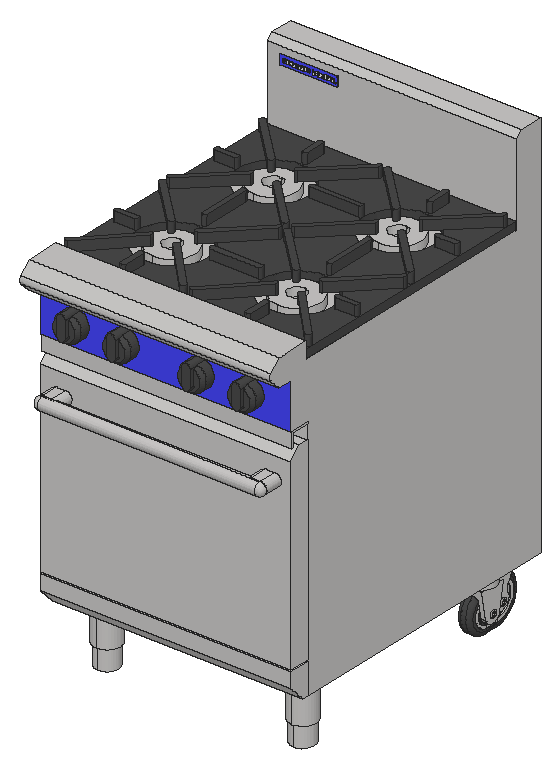
Revit family "QF_MOFFAT_BLUESEAL_CE_G504D", category Specialty Equipment, Revit 2012 (continued)
Automatic sketch dimensions
  Extrusion 1 sketch curve to plane 5 "FRONT" = 27.03 mm
  Extrusion 1 sketch curve to plane 12 "Base Height" = 0 mm
  Extrusion 1 sketch curve to plane 15 = 0 mm
  Extrusion 1 sketch curve to plane 1 "BACK" = 0 mm
  Extrusion 1 sketch curve to plane 5 "FRONT" = 3.475 mm  (x2)
  Extrusion 1 sketch curve to plane 5 "FRONT" = 11.921 mm
  Extrusion 1 sketch curve to plane 5 "FRONT" = 28.03 mm
  Extrusion 1 sketch curve to plane 5 "FRONT" = 63 mm
  Extrusion 1 sketch curve to Extrusion 1 sketch curve = 44 mm
  Extrusion 1 sketch curve to plane 5 "FRONT" = 113 mm
  plane 11 to Extrusion 1 sketch curve = 30 mm
  Extrusion 1 sketch curve to Extrusion 1 sketch curve = 12.5 mm
  Extrusion 1 sketch curve to Extrusion 1 sketch curve = 135 mm
  Extrusion 1 sketch curve to Extrusion 1 sketch curve = 25 mm
  Extrusion 1 sketch curve to Extrusion 1 sketch curve = 23.555 mm
  Extrusion 1 sketch curve to Extrusion 1 sketch curve = 8.445 mm
  Extrusion 1 sketch curve to plane 15 = 12.5 mm
  Extrusion 22 sketch curve to Extrusion 22 sketch curve = 36 mm
  Extrusion 22 sketch curve to Extrusion 22 sketch curve = 50 mm
  plane 12 "Base Height" to Extrusion 22 sketch curve = 36 mm
  Extrusion 22 sketch curve to Extrusion 22 sketch curve = 36.5 mm
  Extrusion 20 sketch curve to plane 5 "FRONT" = 63 mm
  Extrusion 20 sketch curve to Extrusion 20 sketch curve = 24 mm  (x2)
  Extrusion 20 sketch curve to Extrusion 20 sketch curve = 26 mm
  Extrusion 20 sketch curve to plane 6 "TOP" = 294 mm
  Split face 1 sketch curve to cut or joined group of Extrusion 1, Extrusion 16 = 27.115 mm
  Split face 1 sketch curve to cut or joined group of Extrusion 1, Extrusion 16 = 326.545 mm
  Split face 1 sketch curve to cut or joined group of Extrusion 1, Extrusion 16 = 23.385 mm
  Split face 1 sketch curve to Split face 1 sketch curve = 4.041 mm  (x4)
  Split face 1 sketch curve to Split face 1 sketch curve = 8.66 mm  (x2)
  Split face 1 sketch curve to cut or joined group of Extrusion 1, Extrusion 16 = 22.115 mm
  Split face 1 sketch curve to Split face 1 sketch curve = 223.917 mm
  Split face 1 sketch curve to cut or joined group of Extrusion 1, Extrusion 16 = 17.115 mm
  Split face 1 sketch curve to Split face 1 sketch curve = 17 mm
  Split face 1 sketch curve to Split face 1 sketch curve = 7 mm
  Split face 2 sketch curve to cut or joined group of Extrusion 1, Extrusion 16 = 27.115 mm
  Split face 2 sketch curve to cut or joined group of Extrusion 1, Extrusion 16 = 26.545 mm
  Split face 2 sketch curve to cut or joined group of Extrusion 1, Extrusion 16 = 23.385 mm
  Split face 2 sketch curve to Split face 2 sketch curve = 4.041 mm  (x4)
  Split face 2 sketch curve to Split face 2 sketch curve = 8.66 mm  (x2)
  Split face 2 sketch curve to cut or joined group of Extrusion 1, Extrusion 16 = 22.115 mm
  Split face 2 sketch curve to Split face 2 sketch curve = 223.917 mm
  Split face 2 sketch curve to cut or joined group of Extrusion 1, Extrusion 16 = 17.115 mm
  Split face 2 sketch curve to Split face 2 sketch curve = 17 mm
  Split face 2 sketch curve to Split face 2 sketch curve = 7 mm
  curve 65 to plane 7 "Center Y" = 26.545 mm
  curve 65 to curve 65 = 4.041 mm
  curve 65 to curve 66 = 8.66 mm
  curve 66 to curve 64 = 4.041 mm
  curve 67 to plane 9 = 28.164 mm
  curve 68 to curve 63 = 4.041 mm
  curve 67 to curve 68 = 8.66 mm
  curve 69 to curve 70 = 4.041 mm
  plane 1 "BACK" to curve 67 = 45.385 mm
  curve 69 to curve 67 = 5 mm
  curve 66 to curve 67 = 10 mm
  curve 70 to curve 69 = 7 mm
  curve 70 to curve 68 = 7 mm
  curve 64 to curve 66 = 7 mm
  curve 71 to plane 10 = 25.753 mm
  curve 75 to curve 78 = 4.041 mm
  curve 78 to curve 78 = 8.66 mm
  curve 76 to curve 78 = 4.041 mm
  plane 7 "Center Y" to curve 75 = 36.836 mm
  curve 74 to curve 71 = 4.041 mm
  curve 75 to curve 74 = 8.66 mm
  curve 73 to curve 73 = 4.041 mm
  plane 1 "BACK" to curve 78 = 18.385 mm
  curve 78 to curve 78 = 5 mm
  curve 71 to curve 72 = 10 mm
  curve 78 to curve 77 = 7 mm
  curve 78 to curve 76 = 7 mm
  curve 72 to curve 74 = 7 mm
  curve 79 to curve 61 = 1.257 mm
  curve 79 to plane 8 "Center X" = 50.268 mm
  curve 79 to curve 61 = 0.534 mm
  curve 81 to curve 82 = 0 mm  (x2)
  curve 82 to curve 59 = 1.257 mm
  curve 82 to plane 8 "Center X" = 50.268 mm
  curve 81 to curve 59 = 0.534 mm
  curve 7 to curve 8 = 0 mm  (x2)
  curve 9 to curve 10 = 0 mm  (x2)
  curve 11 to curve 12 = 0 mm  (x2)
  curve 13 to curve 14 = 0 mm  (x2)
  curve 51 to curve 52 = 0 mm  (x2)
  curve 53 to curve 54 = 0 mm  (x2)
  plane 1 "BACK" to curve 1 = 0 mm
  curve 1 to plane 3 "LEFT" = 0 mm
  curve 6 to plane 7 "Center Y" = 0 mm
  plane 5 "FRONT" to curve 45 = 0 mm
  plane 3 "LEFT" to curve 32 = 4.26 mm
  plane 3 "LEFT" to curve 17 = 4.26 mm
  plane 3 "LEFT" to curve 30 = 5.842 mm
  plane 3 "LEFT" to curve 15 = 5.842 mm
  plane 3 "LEFT" to curve 33 = 6.585 mm
  plane 3 "LEFT" to curve 18 = 6.585 mm
  curve 32 to plane 9 = 0.74 mm
  curve 17 to plane 9 = 0.74 mm
  plane 9 to curve 15 = 53.979 mm
  plane 9 to curve 30 = 55.588 mm
  plane 9 to curve 18 = 56.121 mm
  curve 30 to curve 33 = 2.67 mm
  curve 30 to curve 31 = 29.4 mm
  curve 31 to curve 12 = 0.012 mm
  curve 15 to curve 7 = 31.021 mm
  curve 51 to curve 7 = 0 mm
  plane 11 to curve 16 = 8.67 mm
  curve 16 to curve 51 = 0 mm
  curve 7 to curve 19 = 27.796 mm
  curve 11 to curve 35 = 29.349 mm
  curve 11 to curve 34 = 29.458 mm
  curve 8 to curve 21 = 29.762 mm
  curve 41 to plane 7 "Center Y" = 62.387 mm
  curve 28 to plane 7 "Center Y" = 57.51 mm
  curve 34 to plane 7 "Center Y" = 7.405 mm
  curve 19 to plane 7 "Center Y" = 7.405 mm
  curve 35 to plane 7 "Center Y" = 7.101 mm
  curve 21 to plane 7 "Center Y" = 7.101 mm
  plane 7 "Center Y" to curve 29 = 7.101 mm
  plane 7 "Center Y" to curve 42 = 7.101 mm
  plane 7 "Center Y" to curve 26 = 7.405 mm
  plane 7 "Center Y" to curve 40 = 7.405 mm
  plane 7 "Center Y" to curve 28 = 58.238 mm
  plane 7 "Center Y" to curve 41 = 62.613 mm
  curve 29 to plane 14 = 49.762 mm
  curve 40 to plane 14 = 49.458 mm
  curve 42 to plane 14 = 48.417 mm
  curve 26 to plane 14 = 47.796 mm
  curve 9 to plane 14 = 20 mm
  curve 27 to plane 14 = 20 mm
  curve 14 to plane 14 = 20 mm
  curve 37 to plane 14 = 19.988 mm
  plane 14 to curve 22 = 7.486 mm
  plane 14 to curve 25 = 8.879 mm
  plane 14 to curve 36 = 10.19 mm
  plane 14 to curve 39 = 10.278 mm
  curve 38 to plane 10 = 0.74 mm
  curve 24 to plane 10 = 0.74 mm
  plane 4 "RIGHT" to curve 39 = 6.585 mm
  plane 4 "RIGHT" to curve 25 = 6.585 mm
  plane 4 "RIGHT" to curve 36 = 5.842 mm
  plane 4 "RIGHT" to curve 22 = 5.842 mm
  plane 4 "RIGHT" to curve 38 = 4.26 mm
  plane 4 "RIGHT" to curve 24 = 4.26 mm
  plane 4 "RIGHT" to curve 44 = 1 mm
  curve 49 to curve 3 = 406.516 mm
  curve 5 to plane 5 "FRONT" = 107 mm
  curve 37 to plane 5 "FRONT" = 121.33 mm
  curve 31 to plane 5 "FRONT" = 121.33 mm
  curve 6 to curve 42 = 16.573 mm
  curve 35 to curve 42 = 0 mm
  curve 5 to curve 36 = 16.966 mm
  curve 5 to curve 30 = 16.966 mm
  curve 31 to curve 31 = 60.902 mm
  curve 37 to curve 37 = 60.902 mm
  curve 37 to curve 13 = 28.268 mm
  curve 31 to curve 12 = 28.268 mm
  curve 12 to curve 35 = 34.84 mm
  curve 13 to curve 36 = 35.681 mm
  curve 13 to curve 42 = 35.84 mm
  curve 11 to curve 30 = 36.516 mm
  curve 30 to curve 11 = 20.484 mm
  curve 42 to curve 14 = 21.16 mm
  curve 42 to curve 41 = 27.931 mm
  curve 36 to curve 38 = 28.09 mm
  curve 30 to curve 32 = 27.85 mm
  curve 33 to curve 11 = 24.274 mm
  curve 39 to curve 14 = 20.739 mm
  curve 40 to curve 13 = 19.948 mm
  curve 34 to curve 11 = 19.948 mm
  curve 13 to curve 27 = 33 mm
  curve 11 to curve 20 = 33 mm
  plane 8 "Center X" to curve 39 = 10.898 mm
  plane 8 "Center X" to curve 33 = 10.898 mm
  plane 8 "Center X" to curve 34 = 11.689 mm
  plane 8 "Center X" to curve 40 = 11.689 mm
  curve 39 to curve 44 = 4.102 mm
  curve 40 to curve 26 = 12.872 mm
  curve 34 to curve 19 = 12.872 mm
  curve 44 to curve 18 = 10.352 mm
  curve 44 to curve 25 = 10.352 mm
  plane 8 "Center X" to curve 20 = 83.5 mm
  plane 8 "Center X" to curve 53 = 83.5 mm
  curve 20 to curve 8 = 24.5 mm
  curve 27 to curve 9 = 24.5 mm
  curve 8 to curve 19 = 31.36 mm
  curve 9 to curve 26 = 31.36 mm
  curve 7 to curve 18 = 31.887 mm
  curve 9 to curve 25 = 31.887 mm
  curve 19 to curve 7 = 25.64 mm
  curve 26 to curve 9 = 25.64 mm
  curve 18 to curve 17 = 28.372 mm
  curve 25 to curve 24 = 28.372 mm
  curve 19 to curve 28 = 28.899 mm
  curve 9 to curve 54 = 3.5 mm
  curve 7 to curve 51 = 3.5 mm
  curve 22 to curve 10 = 26.638 mm
  curve 15 to curve 7 = 23.103 mm
  curve 21 to curve 8 = 22.71 mm
  curve 29 to curve 9 = 22.71 mm
  curve 51 to curve 16 = 6.17 mm
  plane 11 to curve 15 = 6.034 mm
  plane 11 to curve 22 = 6.034 mm
  plane 11 to curve 21 = 6.427 mm
  plane 11 to curve 29 = 6.427 mm
  plane 11 to curve 23 = 8.67 mm
  curve 22 to curve 43 = 23.966 mm
  radius of Extrusion 2 sketch curve = 13.5 mm
  radius of Extrusion 5 sketch curve = 85 mm  (x4)
  radius of Extrusion 17 sketch curve = 57 mm  (x4)
  radius of Extrusion 17 sketch curve = 22 mm  (x4)
Nested families
  nested 1: "RNL8400G-CB-CASTERS" at (65, -100, 0), Show Casters <- "Show Casters", visible <- "Show Casters", type "RNL8400G-CB-CASTERS"
    with Type Mark "", Status "", Specification by User "", Show Casters yes, Revision Code "", Item Number "", Installed By "", Identify Quantity as Lot yes, Furnished By "", Foodservice Equipment Identifier yes
  nested 2: "RNL8400G-CB-CASTERS" at (535, -100, 0), Show Casters <- "Show Casters", visible <- "Show Casters", type "RNL8400G-CB-CASTERS"
    with Type Mark "", Status "", Specification by User "", Show Casters yes, Revision Code "", Item Number "", Installed By "", Identify Quantity as Lot yes, Furnished By "", Foodservice Equipment Identifier yes
  nested 3: "WALDORF LOGO_FACE BASE" at (32, -70, 1055.359) x (1, 0, 0) z (0, -1, 0), visible <- "Show Logo", type "WALDORF LOGO_FACE BASE", detail levels medium+fine
    with Show Logo yes
Connectors
  piping at (470.063, -32, 655)
    settings: on Extrusion 2, index 1, connector radius 0.37402", flow factor 0, pipe flow 0 GPM, pressure drop 0.00 psi, fitting loss kfactor 0, connector angle 0.00°, fixture units 0, engagement length 0 mm, flow configuration 1, flow direction 1, fitting loss method 0, system type 7, joint type 0, gender type 0, connector reference index -1, connector utility 0, adjustable connector no, is connector primary yes, fitting loss table "", connector description "GAS CONNECTION"
Definition of nested family "RNL8400G-CB-CASTERS"
  Parameters (values of type "BTL8450-CB-CASTERS")
    Weight = ""
    URL Manufacturer = ""
    URL Cutsheet = ""
    URL = ""
    Type Mark [instance] = ""
    Status [instance] = ""
    Specification by User [instance] = ""
    Specification by Manufacturer = ""
    Show Casters [instance] = no
    Serial Number = ""
    Seismic Rating = ""
    SMACNA No = ""
    Revision Code [instance] = ""
    Omniclass Number and Title = ""
    NAFEM Spec ID Number = ""
    Model = ""
    MasterSpec. = ""
    Manufacturer = ""
    Item Number [instance] = ""
    Installed By [instance] = ""
    Identify Quantity as Lot [instance] = yes
    Furnished By [instance] = ""
    Foodservice Equipment Identifier [instance] = yes
    Description = ""
    CSI MasterFormat = ""
    CSI Master Format = ""
    Assembly Code = ""
  Reference planes
    plane 1: z = 0
    plane 2 "RIGHT": x = 0
    plane 3 "FRONT": y = 0
    plane 4 "TOP": z = 177.8
  Forms (mm)
    Revolve 1, solid, material "QF_Finishes_Stainless Steel", visible <- "Show Casters"
      sketch origin (0, 56.335, 0) x (0, 1, 0) y (0, 0, 1)
        loop
          line (-56.335, 152.4) -> (-56.335, 141.118) -> (-23.798, 141.118) -> (-23.798, 152.4) -> (-56.335, 152.4)
        axis (-56.335, 141.118) -> (-56.335, 152.4)
      angle from 0 to 360
    Extrusion 2, solid, material "QF_Finishes_Stainless Steel", visible <- "Show Casters"
      sketch origin (-46.049, 56.335, 0) x (0, 1, 0) y (0, 0, 1)
        loop
          line (-85.799, 141.118) -> (-85.799, 133.498) -> (-82.136, 133.498)
          arc (-82.136, 133.498) -> (-79.344, 132.328) -> (-77.146, 130.248) r 8.432
          line (-77.146, 130.248) -> (-39.502, 49.52)
          arc (-39.502, 49.52) -> (-13.784, 46.107) -> (-5.673, 70.75) r 20.32
          arc (-5.673, 70.75) -> (-7.065, 73.611) -> (-8.887, 76.22) r 20.32
          arc (-8.887, 76.22) -> (-9.399, 85.377) -> (-6.626, 94.119) r 25.4
          line (-6.626, 94.119) -> (8.003, 121.632)
          arc (8.003, 121.632) -> (-2.347, 126.31) -> (-13.34, 129.167) r 66.802
          line (-13.34, 129.167) -> (-13.765, 133.498) -> (-26.871, 133.498) -> (-26.871, 141.118) -> (-85.799, 141.118)
      from 20.058 to 22.923
    Extrusion 3, solid, material "QF_Finishes_Stainless Steel", visible <- "Show Casters"
      sketch origin (3.326, 56.335, 0) x (0, 1, 0) y (0, 0, 1)
        loop
          line (-85.799, 141.118) -> (-85.799, 133.498) -> (-82.136, 133.498)
          arc (-82.136, 133.498) -> (-79.344, 132.328) -> (-77.146, 130.248) r 8.432
          line (-77.146, 130.248) -> (-39.502, 49.52)
          arc (-39.502, 49.52) -> (-13.784, 46.107) -> (-5.673, 70.75) r 20.32
          arc (-5.673, 70.75) -> (-7.065, 73.611) -> (-8.887, 76.22) r 20.32
          arc (-8.887, 76.22) -> (-9.399, 85.377) -> (-6.626, 94.119) r 25.4
          line (-6.626, 94.119) -> (8.003, 121.632)
          arc (8.003, 121.632) -> (-2.347, 126.31) -> (-13.34, 129.167) r 66.802
          line (-13.34, 129.167) -> (-13.765, 133.498) -> (-26.871, 133.498) -> (-26.871, 141.118) -> (-85.799, 141.118)
      from 20.058 to 22.923
    Extrusion 4, solid, material "QF_Finishes_Stainless Steel", visible <- "Show Casters"
      sketch origin (-49.224, 56.335, 0) x (0, 1, 0) y (0, 0, 1)
        loop
          line (-85.799, 141.118) -> (-85.799, 133.498) -> (-82.136, 133.498) -> (-18.877, 127.964) -> (7.14, 120.01) -> (8.003, 121.632)
          arc (8.003, 121.632) -> (-2.347, 126.31) -> (-13.34, 129.167) r 66.802
          line (-13.34, 129.167) -> (-13.765, 133.498) -> (-26.871, 133.498) -> (-26.871, 141.118) -> (-85.799, 141.118)
      from 26.098 to 72.56
    Revolve 5, solid, material "QF_Finishes_Stainless Steel", visible <- "Show Casters"
      sketch origin (-49.224, 30.821, 0) x (1, 0, 0) y (0, 0, 1)
        loop
          line (14.841, 63.604) -> (83.584, 63.604) -> (83.584, 67.109) -> (82.314, 68.379) -> (80.79, 68.379) -> (80.79, 71.826) -> (68.644, 71.826) -> (68.644, 81.79) -> (65.088, 83.843) -> (61.683, 104.879) -> (65.881, 104.879) -> (65.881, 111.229) -> (65.088, 111.229) -> (65.088, 117.579)
          arc (65.088, 117.579) -> (62.298, 124.314) -> (55.563, 127.104) r 9.525
          line (55.563, 127.104) -> (42.863, 127.104)
          arc (42.863, 127.104) -> (36.127, 124.314) -> (33.338, 117.579) r 9.525
          line (33.338, 117.579) -> (33.338, 111.229) -> (32.544, 111.229) -> (32.544, 104.879) -> (36.742, 104.879) -> (33.352, 83.932) -> (29.782, 81.871) -> (29.782, 71.826) -> (17.635, 71.826) -> (17.635, 68.379) -> (16.111, 68.379) -> (14.841, 67.109) -> (14.841, 63.604)
        axis (14.841, 63.604) -> (83.584, 63.604)
      angle from 0 to 360
  Cuts and joins
    joined: Extrusion 2, Extrusion 3, Extrusion 4
  Lines and regions (mm)
    symbolic lines, style "SpecialityEquipmentHiddenLines", visible <- "Show Casters"
      curve 1: line (18.009, 67.053, 0) -> (45.595, 51.127, 0)
      curve 2: line (-45.491, -42.932, 0) -> (18.009, 67.053, 0)
      curve 3: line (-17.905, -58.859, 0) -> (-45.491, -42.932, 0)
      curve 4: line (45.595, 51.127, 0) -> (-17.905, -58.859, 0)
  Dimensions and locks
    plane 4 "TOP" to level = 177.8 mm  (x2)
    Revolve 5 sketch curve to Revolve 5 sketch curve = 63.5 mm
    aligned and locked: level to plane 1
Definition of nested family "WALDORF LOGO_FACE BASE"
  Parameters (values of type "WALDORF LOGO_FACE BASE")
    Show Logo [instance] = yes
    Default Elevation = 1219.2 mm
  Reference planes
    plane 1 "Center (Front/Back)": y = 0
    plane 2: z = 0
    plane 3 "Center (Left/Right)": x = 0
  Forms (mm)
    Extrusion 1, solid
      sketch origin (0, 0, 0) x (1, 0, 0) y (0, 1, 0)
        loop
          line (-1219.2, 1219.2) -> (-1219.2, -1219.2) -> (1219.2, -1219.2) -> (1219.2, 1219.2) -> (-1219.2, 1219.2)
      from 0 to -304.8
    Extrusion 2, solid, material "QF_Finishes_Blue", visible <- "Show Logo"
      sketch origin (0, -33.217, 0) x (1, 0, 0) y (0, 1, 0)
        loop
          arc (138, 31.942) -> (137.626, 32.844) -> (136.724, 33.217) r 1.276
          line (136.724, 33.217) -> (1.29, 33.217)
          arc (1.29, 33.217) -> (0.378, 32.839) -> (0, 31.927) r 1.29
          line (0, 31.927) -> (0, 11.507)
          arc (0, 11.507) -> (0.378, 10.595) -> (1.29, 10.217) r 1.29
          line (1.29, 10.217) -> (136.71, 10.217)
          arc (136.71, 10.217) -> (137.622, 10.595) -> (138, 11.507) r 1.29
          line (138, 11.507) -> (138, 31.942)
      from 0 to 1.588
    Extrusion 3, solid, material "QF_Finishes_White", visible <- "Show Logo"
      sketch origin (0, -33.217, 1.588) x (1, 0, 0) y (0, 1, 0)
        loop
          arc (108.946, 25.919) -> (107.613, 25.367) -> (107.061, 24.034) r 1.885
          line (107.061, 24.034) -> (107.061, 17.211) -> (112.704, 17.211) -> (112.704, 19.129) -> (115.546, 19.129) -> (115.546, 17.211) -> (121.584, 17.211) -> (121.584, 24.075)
          arc (121.584, 24.075) -> (121.043, 25.379) -> (119.739, 25.919) r 1.845
          line (119.739, 25.919) -> (108.946, 25.919)
        loop
          line (123.478, 25.919) -> (123.478, 17.163) -> (134.904, 17.163) -> (134.904, 19.129) -> (129.246, 19.129) -> (129.246, 25.919) -> (123.478, 25.919)
        loop
          line (112.704, 21.258) -> (115.546, 21.258) -> (115.546, 22.702)
          arc (115.546, 22.702) -> (115.344, 23.188) -> (114.858, 23.389) r 0.687
          line (114.858, 23.389) -> (113.363, 23.389)
          arc (113.363, 23.389) -> (112.897, 23.196) -> (112.704, 22.73) r 0.658
          line (112.704, 22.73) -> (112.704, 21.258)
        loop
          line (105.071, 25.919) -> (93.771, 25.919) -> (93.771, 17.163) -> (105.071, 17.163) -> (105.071, 19.063) -> (99.535, 19.063) -> (99.535, 20.437) -> (105.071, 20.437) -> (105.071, 22.278) -> (99.535, 22.278) -> (99.535, 23.587) -> (105.071, 23.587) -> (105.071, 25.919)
        loop
          line (91.104, 25.919) -> (79.541, 25.919)
          arc (79.541, 25.919) -> (78.558, 25.513) -> (78.152, 24.53) r 1.389
          line (78.152, 24.53) -> (78.152, 22.08)
          arc (78.152, 22.08) -> (78.558, 21.098) -> (79.541, 20.691) r 1.389
          line (79.541, 20.691) -> (86.346, 20.691) -> (86.346, 18.864) -> (83.266, 18.864) -> (83.266, 19.664) -> (78.152, 19.664) -> (78.152, 18.553)
          arc (78.152, 18.553) -> (78.558, 17.57) -> (79.541, 17.163) r 1.389
          line (79.541, 17.163) -> (91.063, 17.163)
          arc (91.063, 17.163) -> (92.045, 17.57) -> (92.452, 18.553) r 1.389
          line (92.452, 18.553) -> (92.452, 20.691)
          arc (92.452, 20.691) -> (92.045, 21.673) -> (91.063, 22.08) r 1.389
          line (91.063, 22.08) -> (83.266, 22.08) -> (83.266, 23.984) -> (86.346, 23.984) -> (86.346, 22.743) -> (92.452, 22.743) -> (92.452, 24.571)
          arc (92.452, 24.571) -> (92.057, 25.524) -> (91.104, 25.919) r 1.348
        loop
          line (70.705, 25.919) -> (59.405, 25.919) -> (59.405, 17.163) -> (70.705, 17.163) -> (70.705, 19.063) -> (65.169, 19.063) -> (65.169, 20.437) -> (70.705, 20.437) -> (70.705, 22.278) -> (65.169, 22.278) -> (65.169, 23.587) -> (70.705, 23.587) -> (70.705, 25.919)
        loop
          line (57.598, 25.919) -> (51.7, 25.919) -> (51.7, 20.18)
          arc (51.7, 20.18) -> (50.63, 19.11) -> (49.56, 20.18) r 1.07
          line (49.56, 20.18) -> (49.56, 25.919) -> (43.663, 25.919) -> (43.663, 19.049)
          arc (43.663, 19.049) -> (44.215, 17.716) -> (45.548, 17.163) r 1.885
          line (45.548, 17.163) -> (55.71, 17.163)
          arc (55.71, 17.163) -> (57.045, 17.716) -> (57.598, 19.051) r 1.887
          line (57.598, 19.051) -> (57.598, 25.919)
        loop
          line (31.62, 25.919) -> (31.62, 17.163) -> (43.046, 17.163) -> (43.046, 19.129) -> (37.388, 19.129) -> (37.388, 25.919) -> (31.62, 25.919)
        loop
          line (15.969, 25.919) -> (15.969, 17.163) -> (28.693, 17.163)
          arc (28.693, 17.163) -> (29.812, 17.627) -> (30.276, 18.746) r 1.582
          line (30.276, 18.746) -> (30.276, 20.447) -> (29.48, 21.243) -> (30.276, 22.039) -> (30.276, 24.332)
          arc (30.276, 24.332) -> (29.811, 25.454) -> (28.688, 25.919) r 1.587
          line (28.688, 25.919) -> (15.969, 25.919)
        loop
          line (21.449, 24.159) -> (21.449, 22.436) -> (23.862, 22.436)
          arc (23.862, 22.436) -> (24.723, 23.298) -> (23.862, 24.159) r 0.861
          line (23.862, 24.159) -> (21.449, 24.159)
        loop
          line (21.449, 20.244) -> (21.449, 18.522) -> (23.862, 18.522)
          arc (23.862, 18.522) -> (24.723, 19.383) -> (23.862, 20.244) r 0.861
          line (23.862, 20.244) -> (21.449, 20.244)
      from 0 to 0.2
    Extrusion 4, solid, material "QF_Finishes_Blue", visible <- "Show Logo"
      sketch origin (-126.498, -31.09, 1.588) x (1, 0, 0) y (0, 1, 0)
        loop
          line (136.738, 23.522) -> (136.738, 15.1)
          arc (136.738, 15.1) -> (140.756, 19.311) -> (136.738, 23.522) r 4.216
      from 0 to 0.2
    Extrusion 5, solid, material "QF_Finishes_Red", visible <- "Show Logo"
      sketch origin (146.849, -31.09, 1.588) x (-1, 0, 0) y (0, -1, 0)
        loop
          arc (136.738, -23.522) -> (140.756, -19.311) -> (136.738, -15.1) r 4.216
          line (136.738, -15.1) -> (136.738, -23.522)
      from 0 to 0.2
  Lines and regions (mm)
    Split face 1
      outline origin (-90.35, -30.793, 1.588) x (1, 0, 0) y (0, 1, 0)
        loop
          circle (100.54, 19.013) r 4.536
  Dimensions and locks
    aligned and locked: plane 2 to Extrusion 1
    aligned and locked: level to Extrusion 1
